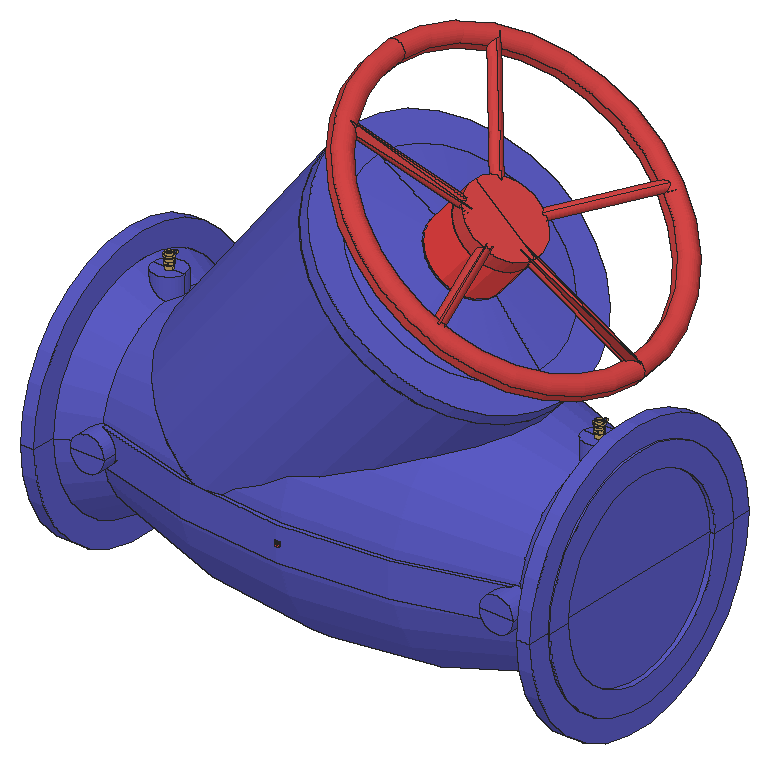
Revit family "Strangregulierventil für Differenzdruckmessung, Schrägsitzform 4218 GF PN25", category Rohrzubehör, Revit 2020
Family settings
  Bemaßung runder Anschluss = Durchmesser verwenden
  Teiletyp = Unterbricht
  OmniClass-Nummer = 23.65.55.14
  OmniClass-Titel = Valves for Liquid Services
  Arbeitsebenenbasiert = Nein
  Immer vertikal = Ja
  Beim Laden mit Abzugskörper schneiden = Nein
  Gemeinsam genutzt = Nein
Parameters
  kvs-Wert [instance] = if(Nennweite = 350.00 mm, 2917.6, if(Nennweite = 400.00 mm, 3854.8, if(Nennweite = 500.00 mm, 5250.6, 0)))  # 2917.6
  Zählvorrichtung = "Kunststoffmaterial"  # constant formula
  W02 = 60.00°  # constant formula
  W01 = 50.00°  # constant formula
  Vorgabe-Ansicht = 0.00 mm
  Ventilkegel = "Sphäroguss EN-GJS-400-15 gem. EN 1561/EPDM beschichtet"  # constant formula
  S01 [instance] = Nennweite + 10.00 mm  # 360.00 mm
  Regulierspindel = "Edelstahl"  # constant formula
  Oberteil = "Sphäroguss EN-GJS-400-15"  # constant formula
  O-Ringe = "EPDM"  # constant formula
  L04 [instance] = size_lookup("4220_GF_25_", "L4", 1.00 mm, Nennweite)  # 209.00 mm
  H11 = 85.00 mm  # constant formula
  H10 [instance] = H07 + H03  # 569.50 mm
  H08 = 47.00 mm  # constant formula
  H07 = 50.00 mm  # constant formula
  H06 = 27.00 mm  # constant formula
  H05 [instance] = H04 + 25.00 mm  # 495.00 mm
  H04 [instance] = size_lookup("4220_GF_25_", "H4", 1.00 mm, Nennweite)  # 470.00 mm
  H03 [instance] = size_lookup("4220_GF_25_", "H3", 1.00 mm, Nennweite)  # 519.50 mm
  Gewicht [instance] = if(Nennweite = 350.00 mm, "560.0 kg", if(Nennweite = 400.00 mm, "611.0 kg", if(Nennweite = 500.00 mm, "1109.0 kg", "0")))  # "560.0 kg"
  Gehäuse = "Sphäroguss EN-GJS-400-15"  # constant formula
  URL = "www.herz-armaturen.at"
  SCRNSEQ = "ARM;ARM_TYP=\"STRV\";2"
  SCRNCODE = "05;07;02"  # constant formula
  R02 [instance] = size_lookup("4220_GF_25_", "R2", 1.00 mm, Nennweite)  # 30.00 mm
  R01 [instance] = size_lookup("4220_GF_25_", "R1", 1.00 mm, Nennweite)  # 32.50 mm
  Spindel = "Edelstahl"  # constant formula
  Nennweite [instance] = 350.00 mm
  Medium = "Heizwasserqualität entsprechend ÖNORM H 5195 bzw. VDI Richtlinie 2035.\r\nEthylen und Propylenglykol können in einem Verhältnis von 25-50 vol. [%] gemischt werden."
  Max. Betriebstemperatur = 110 °C  # constant formula
  Min. Betriebstemperatur = -10 °C  # constant formula
  Max. Betriebsdruck = 2500000.0 Pa  # constant formula
  L03 [instance] = size_lookup("4220_GF_25_", "L3", 1.00 mm, Nennweite)  # 410.00 mm
  L02 [instance] = size_lookup("4220_GF_25_", "L2", 1.00 mm, Nennweite)  # 390.00 mm
  L01 [instance] = size_lookup("4220_GF_25_", "L1", 1.00 mm, Nennweite)  # 397.50 mm
  L00 [instance] = size_lookup("4220_GF_25_", "L", 1.00 mm, Nennweite)  # 980.00 mm
  Hersteller = "HERZ Armaturen Ges.m.b.H."  # constant formula
  H09 [instance] = H03  # 519.50 mm
  H02 [instance] = size_lookup("4220_GF_25_", "H2", 1.00 mm, Nennweite)  # 215.00 mm
  H01 [instance] = size_lookup("4220_GF_25_", "H1", 1.00 mm, Nennweite)  # 220.00 mm
  GT = 10.00 mm  # constant formula
  FLL02 [instance] = size_lookup("4220_GF_25_", "FLL2", 1.00 mm, Nennweite)  # 26.00 mm
  FLL01 [instance] = size_lookup("4220_GF_25_", "FLL1", 1.00 mm, Nennweite)  # 4.00 mm
  FLD03 [instance] = size_lookup("4220_GF_25_", "FLD3", 1.00 mm, Nennweite)  # 177.80 mm
  FLD02 [instance] = size_lookup("4220_GF_25_", "FLD2", 1.00 mm, Nennweite)  # 214.00 mm
  FLD01 [instance] = size_lookup("4220_GF_25_", "FLD1", 1.00 mm, Nennweite)  # 219.00 mm
  FLD00 [instance] = size_lookup("4220_GF_25_", "FLD", 1.00 mm, Nennweite)  # 260.00 mm
  Differenzdruckmessung = "Das STRÖMAX GF Strangregulierventil ist mit zwei Messventilen ausgestattet:\r\nSo ist es möglich, den Differenzdruck mit geeigneten Messgeräten zu messen und die Durchflussmenge entsprechend zu bestimmen."
  DN500 [instance] = Nennweite = 500.00 mm  # no
  DN400 [instance] = Nennweite = 400.00 mm  # no
  DN350 [instance] = Nennweite = 350.00 mm  # yes
  D05 = 75.00 mm  # constant formula
  D04 [instance] = size_lookup("4220_GF_25_", "D4", 1.00 mm, Nennweite)  # 58.00 mm
  D03 [instance] = size_lookup("4220_GF_25_", "D3", 1.00 mm, Nennweite)  # 240.00 mm
  D02 [instance] = D03 - 20.00 mm  # 220.00 mm
  D01 [instance] = size_lookup("4220_GF_25_", "D1", 1.00 mm, Nennweite)  # 260.00 mm
  D00 [instance] = size_lookup("4220_GF_25_", "D", 1.00 mm, Nennweite)  # 250.00 mm
  Bestellnummer [instance] = size_lookup("4220_GF_25_", "Artnr", 0, Nennweite)  # 1422089
  BH02 [instance] = -BH01  # -32.50 mm
  BH01 [instance] = size_lookup("4220_GF_25_", "BH1", 1.00 mm, Nennweite)  # 32.50 mm
  Ausführung = "STRÖMAX-GF-Strangregulierventil mit Messventilen, DN 350-500, Gehäuse Sphäroguss GJS 400-15 gem EN 1561, Flansch gem. EN 1092, PN 25, blaue Emaillierung.\r\nVentiloberteil Sphäroguss GJS 400-15, mit nicht steigen\u0002der Spindel, Spindelabdichtung mittels Dreifach-O-Ring.\r\nVoreinstellschritte werden digital angezeigt."
  Anwendungen = "Zum hydraulischen Abgleich in Heiz- oder Kühlsystemen zum Trennen von Sammelleitungen, Steigleitungen, Wärmetauschern, Heiz- und Kühlregistern."
  Anschluss [instance] = Nennweite / 2  # 175.00 mm
Reference planes
  plane 1 "Mitte (Vorne/hinten)": y = 0
  plane 2: z = 0
  plane 3 "Mitte (Links/rechts)": x = 0
Forms (mm)
  Revolve 1, solid, material "Herz-Marineblau", detail levels fine
    sketch origin (1058.943, 0, 0) x (1, 0, 0) y (0, 1, 0)
      loop
        line (-1544.943, 260) -> (-1544.943, 219) -> (-1548.943, 219) -> (-1548.943, 175) -> (-1538.943, 175) -> (-1538.943, 0) -> (-578.943, 0) -> (-578.943, 175) -> (-568.943, 175) -> (-568.943, 219) -> (-572.943, 219) -> (-572.943, 260) -> (-598.943, 260) -> (-598.943, 214) -> (-661.443, 177.8)
        arc (-661.443, 177.8) -> (-1058.943, 250) -> (-1456.443, 177.8) r 1130.326
        line (-1456.443, 177.8) -> (-1518.943, 214) -> (-1518.943, 260) -> (-1544.943, 260)
      axis (-1548.943, 0) -> (-568.943, 0)
    angle from 0 to 360
  Revolve 2, solid, material "Herz-Marineblau", detail levels fine
    sketch origin (0, 0, 0) x (1, 0, 0) y (0, 1, 0)
      loop
        line (-390, 220) -> (-422.5, 220) -> (-422.5, -220) -> (-390, -220) -> (-390, 220)
      axis (-390, 220) -> (-390, -220)
    angle from 0 to 360
  Revolve 3, solid, material "Herz-Marineblau", detail levels fine
    sketch origin (0, 0, 0) x (-1, 0, 0) y (0, 1, 0)
      loop
        line (-390, 220) -> (-422.5, 220) -> (-422.5, -220) -> (-390, -220) -> (-390, 220)
      axis (-390, 220) -> (-390, -220)
    angle from 0 to 360
  Revolve 4, solid, material "Herz-Marineblau", detail levels fine
    sketch origin (0, 0, 0) x (1, 0, 0) y (0, 0, 1)
      loop
        line (-410, 0) -> (-410, 215) -> (-440, 215) -> (-440, 0) -> (-410, 0)
      axis (-410, 215) -> (-410, 0)
    angle from 0 to 360
  Revolve 5, solid, material "Herz-Marineblau", detail levels fine
    sketch origin (0, 0, 0) x (-1, 0, 0) y (0, 0, 1)
      loop
        line (-410, 0) -> (-410, 215) -> (-440, 215) -> (-440, 0) -> (-410, 0)
      axis (-410, 215) -> (-410, 0)
    angle from 0 to 360
  Extrusion 6, solid, material "Herz-Marineblau", visible <- "DN500", detail levels fine
    sketch origin (0, 0, 0) x (1, 0, 0) y (0, 1, 0)
      loop
        arc (-475, -263.998) -> (0, -282.994) -> (475, -263.998) r 5948.094
        line (475, -263.998) -> (475, 263.998)
        arc (475, 263.998) -> (0, 282.994) -> (-475, 263.998) r 5948.094
        line (-475, 263.998) -> (-475, -263.998)
    from -32.5 <- "BH02" to 32.5 <- "BH01"
  Extrusion 7, solid, material "Herz-Marineblau", visible <- "DN400", detail levels fine
    sketch origin (0, 0, 0) x (1, 0, 0) y (0, 1, 0)
      loop
        arc (-410, -209.712) -> (0, -223.005) -> (410, -209.712) r 6329.849
        line (410, -209.712) -> (410, 209.712)
        arc (410, 209.712) -> (0, 223.005) -> (-410, 209.712) r 6329.849
        line (-410, 209.712) -> (-410, -209.712)
    from -32.5 <- "BH02" to 32.5 <- "BH01"
  Extrusion 8, solid, material "Herz-Marineblau", visible <- "DN350", detail levels fine
    sketch origin (0, 0, 0) x (1, 0, 0) y (0, 1, 0)
      loop
        arc (-390, -185.916) -> (0, -255.071) -> (390, -185.916) r 1134.286
        line (390, -185.916) -> (390, 185.916)
        arc (390, 185.916) -> (0, 255.071) -> (-390, 185.916) r 1134.286
        line (-390, 185.916) -> (-390, -185.916)
    from -32.5 <- "BH02" to 32.5 <- "BH01"
  Revolve 9, solid, material "Herz-Marineblau", detail levels fine
    sketch origin (0, 0, 0) x (1, 0, 0) y (0, 0, 1)
      loop
        line (-209, 0) -> (124.928, 397.96) -> (-74.243, 565.085) -> (-361.033, 192.188) -> (-361.781, 160.181) -> (-209, 0)
      axis (-209, 0) -> (124.928, 397.96)
    angle from 0 to 360
  Revolve 10, solid, material "Herz-Marineblau", detail levels fine
    sketch origin (0, 0, 0) x (1, 0, 0) y (0, 0, 1)
      loop
        line (124.928, 397.96) -> (157.068, 436.262) -> (99.614, 484.471) -> (97.686, 482.173)
        arc (97.686, 482.173) -> (43.802, 517.303) -> (-12.458, 548.486) r 898.044
        line (-12.458, 548.486) -> (-56.888, 585.768) -> (-74.243, 565.085) -> (124.928, 397.96)
      axis (157.068, 436.262) -> (124.928, 397.96)
    angle from 0 to 360
  Revolve 11, solid, material "Kunsstoff rot", detail levels fine
    sketch origin (0, 0, 0) x (1, 0, 0) y (0, 0, 1)
      loop
        line (157.068, 436.262) -> (211.704, 501.376) -> (154.251, 549.585) -> (99.614, 484.471) -> (157.068, 436.262)
      axis (211.704, 501.376) -> (157.068, 436.262)
    angle from 0 to 360
Lines and regions (mm)
  model lines, detail levels coarse+medium
    curve 1: line (-490, 0, 260) -> (-490, 0, -260)
    curve 2: line (-490, 0, -260) -> (490, 0, 260)
    curve 3: line (490, 0, 260) -> (490, 0, -260)
    curve 4: line (490, 0, -260) -> (-490, 0, 260)
    curve 5: line (0, 0, 0) -> (299.933, 0, 519.5)
    curve 6: line (144.049, 0, 609.5) -> (455.818, 0, 429.5)
    curve 7: line (-490, 260, 0) -> (-490, -260, 0)
    curve 8: line (-490, -260, 0) -> (490, 260, 0)
    curve 9: line (490, 260, 0) -> (490, -260, 0)
    curve 10: line (490, -260, 0) -> (-490, 260, 0)
    curve 11: line (0, 0, 0) -> (299.933, 519.5, 0)
    curve 12: line (144.049, 609.5, 0) -> (455.818, 429.5, 0)
Dimensions and locks
  "FLD00": plane 1 "Mitte (Vorne/hinten)" to Revolve 1 sketch curve
  "FLD01": plane 1 "Mitte (Vorne/hinten)" to Revolve 1 sketch curve
  "FLD02": plane 1 "Mitte (Vorne/hinten)" to Revolve 1 sketch curve  (x2)
  "FLD03": plane 1 "Mitte (Vorne/hinten)" to Revolve 1 sketch curve  (x2)
  "GT": Revolve 1 sketch curve to Revolve 1 sketch curve  (x2)
  "FLL01": Revolve 1 sketch curve to Revolve 1 sketch curve  (x2)
  "FLL02": Revolve 1 sketch curve to Revolve 1 sketch curve  (x2)
  equal spacing: Revolve 1 sketch curve, plane 3 "Mitte (Links/rechts)", Revolve 1 sketch curve
  "Anschluss": Revolve 1 sketch curve to plane 1 "Mitte (Vorne/hinten)"
  "Anschluss": plane 1 "Mitte (Vorne/hinten)" to Revolve 1 sketch curve
  "FLD01": Revolve 1 sketch curve to plane 1 "Mitte (Vorne/hinten)"
  "FLD00": Revolve 1 sketch curve to plane 1 "Mitte (Vorne/hinten)"
  "L00": Revolve 1 sketch curve to Revolve 1 sketch curve
  "D00": plane 1 "Mitte (Vorne/hinten)" to Revolve 1 sketch curve
  "L01": Revolve 1 sketch curve to plane 3 "Mitte (Links/rechts)" to Revolve 1 sketch curve
  "L02": Revolve 2 sketch curve to plane 3 "Mitte (Links/rechts)"
  "R01": Revolve 2 sketch curve to Revolve 2 sketch curve
  "H01": Revolve 2 sketch curve to plane 1 "Mitte (Vorne/hinten)" to Revolve 2 sketch curve
  "L02": plane 3 "Mitte (Links/rechts)" to Revolve 3 sketch curve
  "R01": Revolve 3 sketch curve to Revolve 3 sketch curve
  "H01": Revolve 3 sketch curve to plane 1 "Mitte (Vorne/hinten)" to Revolve 3 sketch curve
  "L03": plane 3 "Mitte (Links/rechts)" to Revolve 4 sketch curve
  "R02": Revolve 4 sketch curve to Revolve 4 sketch curve
  "H02": Revolve 4 sketch curve to plane 2
  "R02": Revolve 5 sketch curve to Revolve 5 sketch curve
  "L03": Revolve 5 sketch curve to plane 3 "Mitte (Links/rechts)"
  "H02": Revolve 5 sketch curve to plane 2
  "L03": plane 3 "Mitte (Links/rechts)" to nested 1
  "L03": nested 2 to plane 3 "Mitte (Links/rechts)"
  "H02": nested 1 to plane 2
  "H02": nested 2 to plane 2
  "FLD00": curve 4 to plane 2 to curve 2
  "FLD00": curve 3 to plane 2 to curve 4
  equal spacing: curve 1, plane 3 "Mitte (Links/rechts)", curve 3
  "L00": curve 1 to curve 3
  "H09": curve 5 to plane 2
  equal spacing: curve 1, curve 5, curve 3
  equal spacing: curve 6, curve 5, curve 6
  "S01": curve 6 to curve 6
  "FLD00": curve 8 to plane 1 "Mitte (Vorne/hinten)" to curve 10
  "FLD00": curve 10 to plane 1 "Mitte (Vorne/hinten)" to curve 9
  equal spacing: curve 7, plane 3 "Mitte (Links/rechts)", curve 9
  "L00": curve 7 to curve 9
  equal spacing: curve 7, curve 11, curve 9
  "H09": plane 1 "Mitte (Vorne/hinten)" to curve 11
  equal spacing: curve 12, curve 11, curve 12
  "S01": curve 12 to curve 12
  "L04": plane 3 "Mitte (Links/rechts)" to Revolve 9 sketch curve  (x2)
  "H03": Revolve 9 sketch curve to Revolve 9 sketch curve
  "D02": Revolve 9 sketch curve to Revolve 9 sketch curve
  "H05": Revolve 9 sketch curve to Revolve 9 sketch curve
  "H04": Revolve 9 sketch curve to Revolve 9 sketch curve
  "D03": Revolve 9 sketch curve to Revolve 9 sketch curve
  "H03": Revolve 10 sketch curve to Revolve 10 sketch curve
  "D01": Revolve 10 sketch curve to Revolve 10 sketch curve  (x2)
  "D04": Revolve 10 sketch curve to Revolve 10 sketch curve
  "D05": Revolve 10 sketch curve to Revolve 10 sketch curve
  "H06": Revolve 9 to Revolve 10 sketch curve
  "H07": Revolve 9 to Revolve 10 sketch curve
  "H08": Revolve 9 to Revolve 10 sketch curve
  "L04": plane 3 "Mitte (Links/rechts)" to Revolve 10 sketch curve
  "D01": Revolve 9 sketch curve to Revolve 9 sketch curve
  "L04": plane 3 "Mitte (Links/rechts)" to Revolve 11 sketch curve
  "H11": Revolve 10 to Revolve 11 sketch curve
  "D05": Revolve 11 sketch curve to Revolve 11 sketch curve  (x2)
  "H10": Revolve 11 sketch curve to Revolve 11 sketch curve
  "W02": angle plane 2 to curve 5
  "W02": angle plane 1 "Mitte (Vorne/hinten)" to curve 11
  "W01": angle plane 2 to Revolve 9 sketch curve  (x2)
  "W01": angle plane 2 to Revolve 10 sketch curve  (x2)
  "W01": angle plane 2 to Revolve 11 sketch curve  (x2)
  aligned and locked: level to plane 2
Automatic sketch dimensions
  Extrusion 6 sketch curve to plane 3 "Mitte (Links/rechts)" = 0.00 mm  (x2)
  plane 1 "Mitte (Vorne/hinten)" to Extrusion 6 sketch curve = 263.998 mm
  Extrusion 6 sketch curve to plane 3 "Mitte (Links/rechts)" = 475.00 mm
  Extrusion 6 sketch curve to Extrusion 6 sketch curve = 5401.102 mm
  Extrusion 6 sketch curve to plane 1 "Mitte (Vorne/hinten)" = 5665.10 mm
  Extrusion 6 sketch curve to plane 1 "Mitte (Vorne/hinten)" = 263.998 mm  (x2)
  Extrusion 7 sketch curve to plane 3 "Mitte (Links/rechts)" = 0.00 mm  (x2)
  plane 1 "Mitte (Vorne/hinten)" to Extrusion 7 sketch curve = 209.712 mm  (x2)
  Extrusion 7 sketch curve to plane 3 "Mitte (Links/rechts)" = 410.00 mm
  Extrusion 7 sketch curve to Extrusion 7 sketch curve = 5897.131 mm
  Extrusion 7 sketch curve to plane 1 "Mitte (Vorne/hinten)" = 6106.844 mm
  Extrusion 7 sketch curve to plane 1 "Mitte (Vorne/hinten)" = 209.712 mm
  Extrusion 8 sketch curve to plane 3 "Mitte (Links/rechts)" = 0.00 mm  (x2)
  plane 1 "Mitte (Vorne/hinten)" to Extrusion 8 sketch curve = 185.916 mm
  Extrusion 8 sketch curve to plane 3 "Mitte (Links/rechts)" = 390.00 mm
  Extrusion 8 sketch curve to Extrusion 8 sketch curve = 693.298 mm
  Extrusion 8 sketch curve to plane 1 "Mitte (Vorne/hinten)" = 879.214 mm
  Extrusion 8 sketch curve to plane 1 "Mitte (Vorne/hinten)" = 185.916 mm  (x2)
  plane 1 "Mitte (Vorne/hinten)" to Revolve 1 sketch curve = 0.00 mm  (x2)
  Revolve 1 sketch curve to Revolve 1 sketch curve = 35.00 mm
  Revolve 1 sketch curve to Revolve 1 sketch curve = 40.00 mm
  Revolve 2 sketch curve to Revolve 2 sketch curve = 0.00 mm  (x3)
  Revolve 3 sketch curve to Revolve 3 sketch curve = 0.00 mm  (x3)
  Revolve 4 sketch curve to level = 0.00 mm  (x2)
  Revolve 4 sketch curve to Revolve 4 sketch curve = 0.00 mm  (x2)
  Revolve 5 sketch curve to level = 0.00 mm  (x2)
  Revolve 5 sketch curve to Revolve 5 sketch curve = 0.00 mm  (x2)
  Revolve 9 sketch curve to level = 0.00 mm  (x2)
  Revolve 10 sketch curve to level = 0.00 mm
  Revolve 10 sketch curve to level = 252.062 mm
  Revolve 11 sketch curve to level = 0.00 mm
Nested families
  nested 1: "Messstutzen_Band_Eintritt_senkrecht_(oben)" at (-410, 0, 206), type "Messstutzen_Band_Eintritt_senkrecht_(oben)", detail levels fine
    with Schutzkappe yes, Nennweite 0.00 mm, Gewicht 0.00 kg, Bestellnummer 0
  nested 2: "Messstutzen_Band_Austritt_senkrecht_(oben)" at (410, 0, 206), type "Messstutzen_Band_Austritt_senkrecht_(oben)", detail levels fine
    with Schutzkappe yes, Nennweite 0.00 mm, Gewicht 0.00 kg, Bestellnummer 0
  nested 3: "Herz-Logo-vorne" at (0, -282.994, 0) x (0, 1, 0) z (0, 0, 1), visible <- "DN500", type "Herz-Logo-vorne", detail levels fine
  nested 4: "Herz-Logo-vorne" at (0, -221.503, 0) x (0, 1, 0) z (0, 0, 1), visible <- "DN400", type "Herz-Logo-vorne", detail levels fine
  nested 5: "Herz-Logo-vorne" at (0, -255.053, 0) x (0, 1, 0) z (0, 0, 1), visible <- "DN350", type "Herz-Logo-vorne", detail levels fine
  nested 6: "Strangregulierventil-Handrad_VOLL-Schräg (Rot) DN350-DN400" at (211.704, 0, 501.376), visible <- "DN350", type "Strangregulierventil-Handrad_VOLL-Schräg (Rot) DN350-DN400"
    with DN300 yes
  nested 7: "Strangregulierventil-Handrad_VOLL-Schräg (Rot) DN350-DN400" at (230.272, 0, 547.339), visible <- "DN400", type "Strangregulierventil-Handrad_VOLL-Schräg (Rot) DN350-DN400"
    with DN300 yes
  nested 8: "Strangregulierventil-Handrad_VOLL-Schräg (Rot) DN500" at (262.637, 0, 616.896), visible <- "DN500", type "Strangregulierventil-Handrad_VOLL-Schräg (Rot) DN500", detail levels fine
    with DN300 yes
Connectors
  piping at (-490, 0, 0), diameter 350, driven by "Nennweite"
    settings: on Revolve 1, index 1, connector inside diameter 609.6 mm, connector length 0.00 mm, flow factor 0, pipe flow 0.0 L/s, pressure drop 0.0 Pa, fitting loss kfactor 0, connector angle 0.00°, fixture units 0, engagement length 0.00 mm, angle of deflection 0.00°, flow configuration 0, flow direction 1, fitting loss method 0, system type 29, joint type 0, gender type 0, connector reference index -1, connector utility 0, adjustable connector no, is connector primary yes, connector description ""
  piping at (490, 0, 0), diameter 350, driven by "Nennweite"
    settings: on Revolve 1, index 2, connector inside diameter 609.6 mm, connector length 0.00 mm, flow factor 0, pipe flow 0.0 L/s, pressure drop 0.0 Pa, fitting loss kfactor 0, connector angle 0.00°, fixture units 0, engagement length 0.00 mm, angle of deflection 0.00°, flow configuration 0, flow direction 2, fitting loss method 0, system type 29, joint type 0, gender type 0, connector reference index -1, connector utility 0, adjustable connector no, is connector primary no, connector description ""
Definition of nested family "Messstutzen_Band_Eintritt_senkrecht_(oben)"
  Parameters (values of type "Messstutzen_Band_Eintritt_senkrecht_(oben)")
    Default Elevation = 0.00 mm
    URL = "www.herz-armaturen.at"
    Schutzkappe [instance] = yes
    Nennweite [instance] = 0.00 mm
    Manufacturer = "Herz Armaturen GmbH"  # constant formula
    Gewicht [instance] = 0.00 kg
    Bestellnummer [instance] = 0
  Reference planes
    plane 1 "Mitte (Vorne/hinten)": y = 0
    plane 2: z = 0
    plane 3 "Mitte (Links/rechts)": x = 0
    plane 4 "Schlaufe 1": z = -27
    plane 5 "Schlaufe 2": z = -31.678
  Forms (mm)
    Revolve 1, solid, detail levels fine
      sketch origin (0, 0, 0) x (1, 0, 0) y (0, 0, 1)
        loop
          line (-7.4, 9) -> (-5.55, 9) -> (-5.55, 6)
          arc (-5.55, 6) -> (-5.626, 5.617) -> (-5.843, 5.293) r 1
          line (-5.843, 5.293) -> (-6.455, 4.681) -> (-6.455, 0.9) -> (-5.555, 0) -> (-2, 0) -> (-2, 17.5) -> (-8.4, 17.5)
          arc (-8.4, 17.5) -> (-7.693, 17.207) -> (-7.4, 16.5) r 1
          line (-7.4, 16.5) -> (-7.4, 9)
        loop
          line (-3.7, 27) -> (-7.3, 27) -> (-7.9, 26.4) -> (-7.9, 23) -> (-2, 23) -> (-2, 35.8) -> (-3.805, 35.8) -> (-4.415, 35.19) -> (-4.415, 30.863) -> (-3.7, 30.45) -> (-3.7, 27)
        axis (0, 0) -> (0, 35.8)
      angle from 0 to 360
    Extrusion 2, solid, detail levels fine
      sketch origin (0, 0, 17.5) x (0, 1, 0) y (-1, 0, 0)
        loop
          arc (-7.07, 5.156) -> (-7.578, 4.375) -> (-8, 3.544) r 8.75
          line (-8, 3.544) -> (-8, -3.544)
          arc (-8, -3.544) -> (-7.578, -4.375) -> (-7.07, -5.156) r 8.75
          line (-7.07, -5.156) -> (-0.93, -8.7)
          arc (-0.93, -8.7) -> (0, -8.75) -> (0.93, -8.7) r 8.75
          line (0.93, -8.7) -> (7.07, -5.156)
          arc (7.07, -5.156) -> (7.578, -4.375) -> (8, -3.544) r 8.75
          line (8, -3.544) -> (8, 3.544)
          arc (8, 3.544) -> (7.578, 4.375) -> (7.07, 5.156) r 8.75
          line (7.07, 5.156) -> (0.93, 8.7)
          arc (0.93, 8.7) -> (0, 8.75) -> (-0.93, 8.7) r 8.75
          line (-0.93, 8.7) -> (-7.07, 5.156)
      from 0 to 5.5
    Revolve 3, solid, visible <- "Schutzkappe", detail levels fine
      sketch origin (0, 0, 0) x (1, 0, 0) y (0, 0, 1)
        loop
          line (0, 35.878) -> (0, 36.678) -> (-7, 36.678) -> (-7, 33.378) -> (-6.1, 33.378) -> (-6.1, 31.678) -> (-6.9, 31.678) -> (-6.9, 30.178) -> (-4.415, 30.178) -> (-4.415, 35.268) -> (-3.805, 35.878) -> (0, 35.878)
        axis (0, 30.178) -> (0, 36.678)
      angle from 0 to 360
    Extrusion 4, solid, detail levels fine
      sketch origin (0, 0, 28.5) x (1, 0, 0) y (0, 1, 0)
        loop
          circle (0, 0) r 3.7
        loop
          arc (-3.906, 5.505) -> (0, -6.75) -> (3.906, 5.505) r 6.75
          arc (3.906, 5.505) -> (2.358, 7.288) -> (1.8, 9.582) r 5
          line (1.8, 9.582) -> (-1.8, 9.582)
          arc (-1.8, 9.582) -> (-2.358, 7.288) -> (-3.906, 5.505) r 5
      from 0 to -1.5
    Extrusion 5, solid, detail levels fine
      sketch origin (0, 0, 33.178) x (1, 0, 0) y (0, 1, 0)
        loop
          circle (0, 0) r 6.1
        loop
          arc (-4.495, 8.652) -> (0, -9.75) -> (4.495, 8.652) r 9.75
          arc (4.495, 8.652) -> (2.527, 10.493) -> (1.8, 13.089) r 5
          line (1.8, 13.089) -> (-1.8, 13.089)
          arc (-1.8, 13.089) -> (-2.527, 10.493) -> (-4.495, 8.652) r 5
      from 0 to -1.5
    Sweep 6, solid, detail levels fine
      path origin (0, 0, 0) x (0, 0, -1) y (0, -1, 0)
        loop
          line (-27.75, -9.582) -> (-27.75, -14.522)
          arc (-27.75, -14.522) -> (-30.089, -16.862) -> (-32.428, -14.522) r 2.339
          line (-32.428, -14.522) -> (-32.428, -13.089)
      profile origin (0, 12.052, 27.75) x (0, 0, 1) y (1, 0, 0)
        loop
          line (-0.75, -1.8) -> (0.75, -1.8) -> (0.75, 1.8) -> (-0.75, 1.8) -> (-0.75, -1.8)
  Dimensions and locks
    aligned and locked: level to plane 2
Definition of nested family "Messstutzen_Band_Austritt_senkrecht_(oben)"
  Parameters (values of type "Messstutzen_Band_Austritt_senkrecht_(oben)")
    Default Elevation = 0.00 mm
    URL = "www.herz-armaturen.at"
    Schutzkappe [instance] = yes
    Nennweite [instance] = 0.00 mm
    Manufacturer = "Herz Armaturen GmbH"  # constant formula
    Gewicht [instance] = 0.00 kg
    Bestellnummer [instance] = 0
  Reference planes
    plane 1 "Mitte (Vorne/hinten)": y = 0
    plane 2: z = 0
    plane 3 "Mitte (Links/rechts)": x = 0
    plane 4 "Schlaufe 1": z = -27
    plane 5 "Schlaufe 2": z = -31.678
  Forms (mm)
    Revolve 1, solid, detail levels fine
      sketch origin (0, 0, 0) x (1, 0, 0) y (0, 0, 1)
        loop
          line (-7.4, 9) -> (-5.55, 9) -> (-5.55, 6)
          arc (-5.55, 6) -> (-5.626, 5.617) -> (-5.843, 5.293) r 1
          line (-5.843, 5.293) -> (-6.455, 4.681) -> (-6.455, 0.9) -> (-5.555, 0) -> (-2, 0) -> (-2, 17.5) -> (-8.4, 17.5)
          arc (-8.4, 17.5) -> (-7.693, 17.207) -> (-7.4, 16.5) r 1
          line (-7.4, 16.5) -> (-7.4, 9)
        loop
          line (-3.7, 27) -> (-7.3, 27) -> (-7.9, 26.4) -> (-7.9, 23) -> (-2, 23) -> (-2, 35.8) -> (-3.805, 35.8) -> (-4.415, 35.19) -> (-4.415, 30.863) -> (-3.7, 30.45) -> (-3.7, 27)
        axis (0, 0) -> (0, 35.8)
      angle from 0 to 360
    Extrusion 2, solid, detail levels fine
      sketch origin (0, 0, 17.5) x (0, 1, 0) y (-1, 0, 0)
        loop
          arc (-7.07, 5.156) -> (-7.578, 4.375) -> (-8, 3.544) r 8.75
          line (-8, 3.544) -> (-8, -3.544)
          arc (-8, -3.544) -> (-7.578, -4.375) -> (-7.07, -5.156) r 8.75
          line (-7.07, -5.156) -> (-0.93, -8.7)
          arc (-0.93, -8.7) -> (0, -8.75) -> (0.93, -8.7) r 8.75
          line (0.93, -8.7) -> (7.07, -5.156)
          arc (7.07, -5.156) -> (7.578, -4.375) -> (8, -3.544) r 8.75
          line (8, -3.544) -> (8, 3.544)
          arc (8, 3.544) -> (7.578, 4.375) -> (7.07, 5.156) r 8.75
          line (7.07, 5.156) -> (0.93, 8.7)
          arc (0.93, 8.7) -> (0, 8.75) -> (-0.93, 8.7) r 8.75
          line (-0.93, 8.7) -> (-7.07, 5.156)
      from 0 to 5.5
    Revolve 3, solid, visible <- "Schutzkappe", detail levels fine
      sketch origin (0, 0, 0) x (1, 0, 0) y (0, 0, 1)
        loop
          line (0, 35.878) -> (0, 36.678) -> (-7, 36.678) -> (-7, 33.378) -> (-6.1, 33.378) -> (-6.1, 31.678) -> (-6.9, 31.678) -> (-6.9, 30.178) -> (-4.415, 30.178) -> (-4.415, 35.268) -> (-3.805, 35.878) -> (0, 35.878)
        axis (0, 30.178) -> (0, 36.678)
      angle from 0 to 360
    Extrusion 4, solid, detail levels fine
      sketch origin (0, 0, 28.5) x (1, 0, 0) y (0, 1, 0)
        loop
          circle (0, 0) r 3.7
        loop
          arc (-3.906, 5.505) -> (0, -6.75) -> (3.906, 5.505) r 6.75
          arc (3.906, 5.505) -> (2.358, 7.288) -> (1.8, 9.582) r 5
          line (1.8, 9.582) -> (-1.8, 9.582)
          arc (-1.8, 9.582) -> (-2.358, 7.288) -> (-3.906, 5.505) r 5
      from 0 to -1.5
    Extrusion 5, solid, detail levels fine
      sketch origin (0, 0, 33.178) x (1, 0, 0) y (0, 1, 0)
        loop
          circle (0, 0) r 6.1
        loop
          arc (-4.495, 8.652) -> (0, -9.75) -> (4.495, 8.652) r 9.75
          arc (4.495, 8.652) -> (2.527, 10.493) -> (1.8, 13.089) r 5
          line (1.8, 13.089) -> (-1.8, 13.089)
          arc (-1.8, 13.089) -> (-2.527, 10.493) -> (-4.495, 8.652) r 5
      from 0 to -1.5
    Sweep 6, solid, detail levels fine
      path origin (0, 0, 0) x (0, 0, -1) y (0, -1, 0)
        loop
          line (-27.75, -9.582) -> (-27.75, -14.522)
          arc (-27.75, -14.522) -> (-30.089, -16.862) -> (-32.428, -14.522) r 2.339
          line (-32.428, -14.522) -> (-32.428, -13.089)
      profile origin (0, 12.052, 27.75) x (0, 0, 1) y (1, 0, 0)
        loop
          line (-0.75, -1.8) -> (0.75, -1.8) -> (0.75, 1.8) -> (-0.75, 1.8) -> (-0.75, -1.8)
  Dimensions and locks
    aligned and locked: level to plane 2
Definition of nested family "Herz-Logo-vorne"
  Parameters (values of type "Herz-Logo-vorne")
    Default Elevation = 0.00 mm
  Reference planes
    plane 1 "Mitte (Vorne/hinten)": y = 0
    plane 2: z = 0
    plane 3 "Mitte (Links/rechts)": x = 0
  Forms (mm)
    Extrusion 1, solid
      sketch origin (0.732, -0.018, 0.017) x (0, -1, 0) y (0, 0, 1)
        loop
          line (-0.018, -4.517) -> (4.482, -4.517) -> (4.482, 4.483) -> (-4.518, 4.483) -> (-4.518, -4.517) -> (-0.018, -4.517)
        loop
          line (-0.05, -3.48) -> (3.482, -3.48) -> (3.482, 3.483) -> (-3.518, 3.483) -> (-3.518, -3.48) -> (-0.05, -3.48)
        loop
          arc (-0.018, 2.383) -> (-1.543, 3.287) -> (-3.067, 2.383) r 1.738
          arc (-3.067, 2.383) -> (-3.191, 1.899) -> (-3.067, 1.415) r 1.009
          line (-3.067, 1.415) -> (-0.018, -3.281) -> (3.032, 1.415)
          arc (3.032, 1.415) -> (3.156, 1.899) -> (3.032, 2.383) r 1.009
          arc (3.032, 2.383) -> (1.507, 3.287) -> (-0.018, 2.383) r 1.738
        loop
          arc (1.885, 1.272) -> (2.005, 1.675) -> (1.885, 2.079) r 0.74
          arc (1.885, 2.079) -> (1.265, 2.416) -> (0.644, 2.079) r 0.74
          line (0.644, 2.079) -> (-0.018, 0.97) -> (-0.679, 2.079)
          arc (-0.679, 2.079) -> (-1.3, 2.416) -> (-1.921, 2.079) r 0.74
          arc (-1.921, 2.079) -> (-2.04, 1.675) -> (-1.921, 1.272) r 0.74
          line (-1.921, 1.272) -> (-0.018, -1.658) -> (1.885, 1.272)
      from 0 to 1.5
  Dimensions and locks
    aligned and locked: level to plane 2
Definition of nested family "Strangregulierventil-Handrad_VOLL-Schräg (Rot) DN350-DN400"
  Parameters (values of type "Strangregulierventil-Handrad_VOLL-Schräg (Rot) DN350-DN400")
    Default Elevation = 0.00 mm
    DN300 [instance] = yes
  Reference planes
    plane 1 "Mitte (Vorne/hinten)": y = 0
    plane 2: z = 0
    plane 3 "Mitte (Links/rechts)": x = 0
  Forms (mm)
    Revolve 1, solid, detail levels fine
      sketch origin (0, 0, 0) x (0.766044, 0, -0.642788) y (0.642788, 0, 0.766044)
        loop
          line (0, 0) -> (0, 30) -> (-75, 30) -> (-75, 0) -> (0, 0)
        loop
          line (-316.85, 58.85) -> (-316.85, 42.85) -> (-280.85, 42.85) -> (-280.85, 58.85)
          arc (-280.85, 58.85) -> (-298.85, 76.85) -> (-316.85, 58.85) r 18
        axis (0, 58.85) -> (0, 0)
      angle from 0 to 360
    Revolve 2, solid, detail levels fine
      sketch origin (0, 0, 0) x (0.766044, 0, -0.642788) y (0.642788, 0, 0.766044)
        loop
          line (299.245, 74.817) -> (49.107, 26.195) -> (50.831, 16.343) -> (301.153, 65.001) -> (299.245, 74.817)
        axis (50.832, 16.338) -> (301.154, 64.996)
      angle from 0 to 360
    Revolve 3, solid, detail levels fine
      sketch origin (0, 0, 0) x (0.236721, 0.951057, -0.198632) y (0.642788, 0, 0.766044)
        loop
          line (299.245, 74.817) -> (49.107, 26.195) -> (50.831, 16.343) -> (301.153, 65.001) -> (299.245, 74.817)
        axis (50.832, 16.338) -> (301.154, 64.996)
      angle from 0 to 360
    Revolve 4, solid, detail levels fine
      sketch origin (0, 0, 0) x (-0.619743, 0.587785, 0.520026) y (0.642788, 0, 0.766044)
        loop
          line (299.245, 74.817) -> (49.107, 26.195) -> (50.831, 16.343) -> (301.153, 65.001) -> (299.245, 74.817)
        axis (50.832, 16.338) -> (301.154, 64.996)
      angle from 0 to 360
    Revolve 5, solid, detail levels fine
      sketch origin (0, 0, 0) x (-0.619743, -0.587785, 0.520026) y (0.642788, 0, 0.766044)
        loop
          line (299.245, 74.817) -> (49.107, 26.195) -> (50.831, 16.343) -> (301.153, 65.001) -> (299.245, 74.817)
        axis (50.832, 16.338) -> (301.154, 64.996)
      angle from 0 to 360
    Revolve 6, solid, detail levels fine
      sketch origin (0, 0, 0) x (0.236721, -0.951057, -0.198632) y (0.642788, 0, 0.766044)
        loop
          line (299.245, 74.817) -> (49.107, 26.195) -> (50.831, 16.343) -> (301.153, 65.001) -> (299.245, 74.817)
        axis (50.832, 16.338) -> (301.154, 64.996)
      angle from 0 to 360
  Dimensions and locks
    Revolve 1 sketch curve to plane 2 = 255.179 mm
    Revolve 1 sketch curve to Revolve 1 sketch curve = 30.00 mm
    aligned and locked: level to plane 2
Definition of nested family "Strangregulierventil-Handrad_VOLL-Schräg (Rot) DN500"
  Parameters (values of type "Strangregulierventil-Handrad_VOLL-Schräg (Rot) DN500")
    Default Elevation = 0.00 mm
    DN300 [instance] = yes
  Reference planes
    plane 1 "Mitte (Vorne/hinten)": y = 0
    plane 2: z = 0
    plane 3 "Mitte (Links/rechts)": x = 0
  Forms (mm)
    Revolve 1, solid, detail levels fine
      sketch origin (0, 0, 0) x (0.766044, 0, -0.642788) y (0.642788, 0, 0.766044)
        loop
          line (0, 0) -> (0, 30) -> (-75, 30) -> (-75, 0) -> (0, 0)
        loop
          circle (-400, 94.75) r 16.85
        axis (0, 94.75) -> (0, 0)
      angle from 0 to 360
    Revolve 2, solid, detail levels fine
      sketch origin (0, 0, 0) x (0.766044, 0, -0.642788) y (0.642788, 0, 0.766044)
        loop
          line (400.44, 94.852) -> (397.067, 109.46) -> (48.97, 25.68) -> (51.251, 14.235) -> (400.44, 94.852)
        axis (51.251, 14.235) -> (400.44, 94.852)
      angle from 0 to 360
    Revolve 3, solid, detail levels fine
      sketch origin (0, 0, 0) x (0.383022, 0.866025, -0.321394) y (0.642788, 0, 0.766044)
        loop
          line (400.44, 94.852) -> (397.067, 109.46) -> (48.97, 25.68) -> (51.251, 14.235) -> (400.44, 94.852)
        axis (51.251, 14.235) -> (400.44, 94.852)
      angle from 0 to 360
    Revolve 4, solid, detail levels fine
      sketch origin (0, 0, 0) x (-0.383022, 0.866025, 0.321394) y (0.642788, 0, 0.766044)
        loop
          line (400.44, 94.852) -> (397.067, 109.46) -> (48.97, 25.68) -> (51.251, 14.235) -> (400.44, 94.852)
        axis (51.251, 14.235) -> (400.44, 94.852)
      angle from 0 to 360
    Revolve 5, solid, detail levels fine
      sketch origin (0, 0, 0) x (-0.766044, 0, 0.642788) y (0.642788, 0, 0.766044)
        loop
          line (400.44, 94.852) -> (397.067, 109.46) -> (48.97, 25.68) -> (51.251, 14.235) -> (400.44, 94.852)
        axis (51.251, 14.235) -> (400.44, 94.852)
      angle from 0 to 360
    Revolve 6, solid, detail levels fine
      sketch origin (0, 0, 0) x (-0.383022, -0.866025, 0.321394) y (0.642788, 0, 0.766044)
        loop
          line (400.44, 94.852) -> (397.067, 109.46) -> (48.97, 25.68) -> (51.251, 14.235) -> (400.44, 94.852)
        axis (51.251, 14.235) -> (400.44, 94.852)
      angle from 0 to 360
    Revolve 7, solid, detail levels fine
      sketch origin (0, 0, 0) x (0.383022, -0.866025, -0.321394) y (0.642788, 0, 0.766044)
        loop
          line (400.44, 94.852) -> (397.067, 109.46) -> (48.97, 25.68) -> (51.251, 14.235) -> (400.44, 94.852)
        axis (51.251, 14.235) -> (400.44, 94.852)
      angle from 0 to 360
  Dimensions and locks
    Revolve 1 sketch curve to Revolve 1 sketch curve = 30.00 mm
    Revolve 1 sketch curve to Revolve 1 sketch curve = 416.85 mm
    Revolve 1 sketch curve to level = 346.548 mm
    Revolve 1 sketch curve to Revolve 1 sketch curve = 75.00 mm
    aligned and locked: level to plane 2
